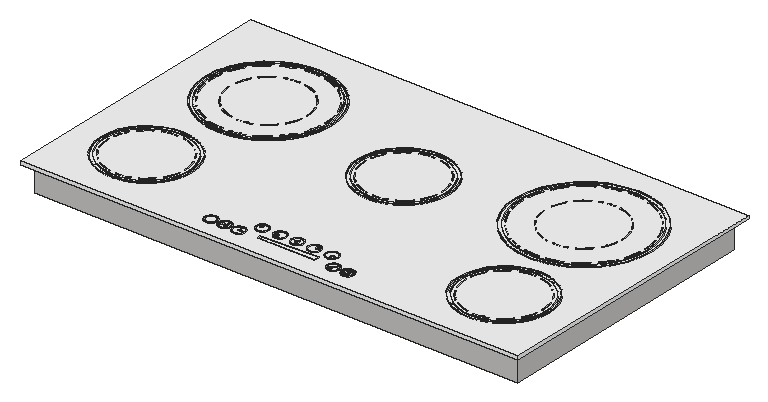
Revit family "QF_Summit_CR5B36TXW_5-Burner Radiant Cooktop", category Specialty Equipment, Revit 2020 (continued)
Lines and regions (in)
  symbolic lines
    curve 439: line (13.56825, -18.81415, 0) -> (13.43965, -18.81415, 0)
    curve 440: arc (14.82037, -19.01629, 0) -> (14.39168, -18.5876, 0) -> (13.96299, -19.01629, 0) r 0.42869
    curve 441: arc (13.96299, -19.01629, 0) -> (14.39168, -19.44498, 0) -> (14.82037, -19.01629, 0) r 0.42869
    curve 442: arc (13.99424, -19.01629, 0) -> (14.39168, -18.61885, 0) -> (14.78912, -19.01629, 0) r 0.39744
    curve 443: arc (14.78912, -19.01629, 0) -> (14.39168, -19.41373, 0) -> (13.99424, -19.01629, 0) r 0.39744
    curve 444: line (14.37411, -18.68294, 0) -> (14.34039, -19.06837, 0)
    curve 445: line (14.34039, -19.06837, 0) -> (14.71907, -19.0016, 0)
    curve 446: line (14.71907, -19.0016, 0) -> (14.40991, -18.97455, 0)
    curve 447: line (14.40991, -18.97455, 0) -> (14.37411, -18.68294, 0)
    curve 448: arc (14.83748, -18.0167, 0) -> (15.26617, -18.44539, 0) -> (15.69486, -18.0167, 0) r 0.42869
    curve 449: arc (15.69486, -18.0167, 0) -> (15.26617, -17.58801, 0) -> (14.83748, -18.0167, 0) r 0.42869
    curve 450: arc (15.66361, -18.0167, 0) -> (15.26617, -18.41414, 0) -> (14.86873, -18.0167, 0) r 0.39744
    curve 451: arc (14.86873, -18.0167, 0) -> (15.26617, -17.61926, 0) -> (15.66361, -18.0167, 0) r 0.39744
    curve 452: arc (14.96978, -17.85461, 0) -> (15.10512, -17.98995, 0) -> (15.24046, -17.85461, 0) r 0.13534
    curve 453: arc (15.24046, -17.85461, 0) -> (15.10512, -17.71928, 0) -> (14.96978, -17.85461, 0) r 0.13534
    curve 454: line (15.763, -19.03275, 0) -> (19.79369, -19.03275, 0)
    curve 455: line (19.79369, -19.03275, 0) -> (19.79369, -18.61535, 0)
    curve 456: line (19.79369, -18.61535, 0) -> (15.763, -18.81753, 0)
    curve 457: line (15.763, -18.81753, 0) -> (15.763, -19.03275, 0)
    curve 458: arc (16.9592, -18.0167, 0) -> (16.53051, -17.58801, 0) -> (16.10182, -18.0167, 0) r 0.42869
    curve 459: arc (16.10182, -18.0167, 0) -> (16.53051, -18.44539, 0) -> (16.9592, -18.0167, 0) r 0.42869
    curve 460: arc (16.13307, -18.0167, 0) -> (16.53051, -17.61926, 0) -> (16.92795, -18.0167, 0) r 0.39744
    curve 461: arc (16.92795, -18.0167, 0) -> (16.53051, -18.41414, 0) -> (16.13307, -18.0167, 0) r 0.39744
    curve 462: arc (16.50479, -18.17878, 0) -> (16.36945, -18.04344, 0) -> (16.23411, -18.17878, 0) r 0.13534
    curve 463: arc (16.23411, -18.17878, 0) -> (16.36945, -18.31411, 0) -> (16.50479, -18.17878, 0) r 0.13534
    curve 464: arc (17.35256, -18.0167, 0) -> (17.75, -17.61926, 0) -> (18.14744, -18.0167, 0) r 0.39744
    curve 465: arc (18.14744, -18.0167, 0) -> (17.75, -18.41414, 0) -> (17.35256, -18.0167, 0) r 0.39744
    curve 466: arc (18.17869, -18.0167, 0) -> (17.75, -17.58801, 0) -> (17.32131, -18.0167, 0) r 0.42869
    curve 467: arc (17.32131, -18.0167, 0) -> (17.75, -18.44539, 0) -> (18.17869, -18.0167, 0) r 0.42869
    curve 468: arc (17.88534, -18.0167, 0) -> (17.75, -17.88136, 0) -> (17.61466, -18.0167, 0) r 0.13534
    curve 469: arc (17.61466, -18.0167, 0) -> (17.75, -18.15203, 0) -> (17.88534, -18.0167, 0) r 0.13534
    curve 470: arc (18.57205, -18.0167, 0) -> (18.96949, -17.61926, 0) -> (19.36693, -18.0167, 0) r 0.39744
    curve 471: arc (19.36693, -18.0167, 0) -> (18.96949, -18.41414, 0) -> (18.57205, -18.0167, 0) r 0.39744
    curve 472: arc (19.39818, -18.0167, 0) -> (18.96949, -17.58801, 0) -> (18.5408, -18.0167, 0) r 0.42869
    curve 473: arc (18.5408, -18.0167, 0) -> (18.96949, -18.44539, 0) -> (19.39818, -18.0167, 0) r 0.42869
    curve 474: arc (18.99521, -17.85461, 0) -> (19.13055, -17.98995, 0) -> (19.26589, -17.85461, 0) r 0.13534
    curve 475: arc (19.26589, -17.85461, 0) -> (19.13055, -17.71928, 0) -> (18.99521, -17.85461, 0) r 0.13534
    curve 476: arc (19.80514, -18.0167, 0) -> (20.23383, -18.44539, 0) -> (20.66252, -18.0167, 0) r 0.42869
    curve 477: arc (20.66252, -18.0167, 0) -> (20.23383, -17.58801, 0) -> (19.80514, -18.0167, 0) r 0.42869
    curve 478: arc (20.63127, -18.0167, 0) -> (20.23383, -18.41414, 0) -> (19.83639, -18.0167, 0) r 0.39744
    curve 479: arc (19.83639, -18.0167, 0) -> (20.23383, -17.61926, 0) -> (20.63127, -18.0167, 0) r 0.39744
    curve 480: arc (20.25954, -18.17878, 0) -> (20.39488, -18.31411, 0) -> (20.53022, -18.17878, 0) r 0.13534
    curve 481: arc (20.53022, -18.17878, 0) -> (20.39488, -18.04344, 0) -> (20.25954, -18.17878, 0) r 0.13534
    curve 482: arc (20.70389, -19.01629, 0) -> (21.13258, -19.44498, 0) -> (21.56127, -19.01629, 0) r 0.42869
    curve 483: arc (21.56127, -19.01629, 0) -> (21.13258, -18.5876, 0) -> (20.70389, -19.01629, 0) r 0.42869
    curve 484: arc (21.53002, -19.01629, 0) -> (21.13258, -19.41373, 0) -> (20.73514, -19.01629, 0) r 0.39744
    curve 485: arc (20.73514, -19.01629, 0) -> (21.13258, -18.61885, 0) -> (21.53002, -19.01629, 0) r 0.39744
    curve 486: line (20.93625, -19.25544, 0) -> (21.29807, -18.89362, 0)
    curve 487: arc (21.29807, -18.89362, 0) -> (21.37311, -18.77455, 0) -> (21.25404, -18.84959, 0) r 0.07216
    curve 488: line (21.25404, -18.84959, 0) -> (20.89222, -19.21141, 0)
    curve 489: line (20.89222, -19.21141, 0) -> (20.93625, -19.25544, 0)
    curve 490: arc (21.72706, -19.01629, 0) -> (22.15575, -19.44498, 0) -> (22.58444, -19.01629, 0) r 0.42869
    curve 491: arc (22.58444, -19.01629, 0) -> (22.15575, -18.5876, 0) -> (21.72706, -19.01629, 0) r 0.42869
    curve 492: arc (22.52194, -19.01629, 0) -> (22.15575, -19.38248, 0) -> (21.78956, -19.01629, 0) r 0.36619
    curve 493: arc (21.78956, -19.01629, 0) -> (22.15575, -18.6501, 0) -> (22.52194, -19.01629, 0) r 0.36619
    curve 494: arc (22.1101, -18.7705, 0) -> (22.15575, -19.26629, 0) -> (22.2014, -18.7705, 0) r 0.25
    curve 495: line (22.2014, -18.7705, 0) -> (22.2014, -18.68315, 0)
    curve 496: line (22.2014, -18.68315, 0) -> (22.1101, -18.68315, 0)
    curve 497: line (22.1101, -18.68315, 0) -> (22.1101, -18.7705, 0)
    curve 498: arc (22.2014, -18.83444, 0) -> (22.15575, -19.20379, 0) -> (22.1101, -18.83444, 0) r 0.1875
    curve 499: line (22.1101, -18.83444, 0) -> (22.1101, -18.96067, 0)
    curve 500: line (22.1101, -18.96067, 0) -> (22.2014, -18.96067, 0)
    curve 501: line (22.2014, -18.96067, 0) -> (22.2014, -18.83444, 0)
Dimensions and locks (in)
  equal spacing: plane 3 "LEFT", plane 7 "Center Y", plane 4 "RIGHT"
  "Length": plane 3 "LEFT" to plane 4 "RIGHT"
  equal spacing: plane 5 "FRONT", plane 8 "Center X", plane 1 "BACK"
  "Depth": plane 5 "FRONT" to plane 1 "BACK"
  "Height": plane 6 "TOP" to level
  plane 10 to plane 9 = 19 1/4"
  plane 11 to plane 12 = 34 1/2"  (x2)
  plane 6 "TOP" to plane 13 = 1/4"
  plane 13 to plane 2 = 1.88"
  plane 11 to plane 3 "LEFT" = 1/2"
  plane 4 "RIGHT" to plane 12 = 1/2"
  plane 4 "RIGHT" to plane 3 "LEFT" = 35 1/2"
  locked: plane 2 to plane 14 at 1
  aligned and locked: level to plane 2
Automatic sketch dimensions
  Extrusion 1 sketch curve to Extrusion 1 sketch curve = 0"  (x10118)
  plane 1 "BACK" to Extrusion 1 sketch curve = 0"
  plane 5 "FRONT" to Extrusion 1 sketch curve = 0"
  Extrusion 1 sketch curve to plane 3 "LEFT" = 0"
  Extrusion 1 sketch curve to plane 11 = 1 187/256"
  Extrusion 1 sketch curve to Extrusion 1 sketch curve = 1/32"  (x16)
  Extrusion 1 sketch curve to Extrusion 1 sketch curve = 0.00839"  (x3)
  Extrusion 1 sketch curve to Extrusion 1 sketch curve = 0.0308"  (x4)
  Extrusion 1 sketch curve to Extrusion 1 sketch curve = 0.13763"  (x3)
  Extrusion 1 sketch curve to Extrusion 1 sketch curve = 0.02935"  (x3)
  Extrusion 1 sketch curve to plane 11 = 1.965"
  Extrusion 1 sketch curve to Extrusion 1 sketch curve = 0.03131"  (x3)
  Extrusion 1 sketch curve to Extrusion 1 sketch curve = 0.03084"
  Extrusion 1 sketch curve to Extrusion 1 sketch curve = 0.0414"
  Extrusion 1 sketch curve to Extrusion 1 sketch curve = 0.03071"
  Extrusion 1 sketch curve to Extrusion 1 sketch curve = 0.03063"
  Extrusion 1 sketch curve to Extrusion 1 sketch curve = 0.15555"  (x3)
  Extrusion 1 sketch curve to Extrusion 1 sketch curve = 0.02726"  (x3)
  Extrusion 1 sketch curve to Extrusion 1 sketch curve = 0.31317"  (x3)
  Extrusion 1 sketch curve to Extrusion 1 sketch curve = 0.08434"
  Extrusion 1 sketch curve to Extrusion 1 sketch curve = 0.02693"  (x2)
  Extrusion 1 sketch curve to Extrusion 1 sketch curve = 0.02974"
  Extrusion 1 sketch curve to Extrusion 1 sketch curve = 0.28425"
  Extrusion 1 sketch curve to Extrusion 1 sketch curve = 0.02828"
  Extrusion 1 sketch curve to Extrusion 1 sketch curve = 0.22941"  (x3)
  Extrusion 1 sketch curve to Extrusion 1 sketch curve = 0.02404"  (x3)
  Extrusion 1 sketch curve to Extrusion 1 sketch curve = 0.19209"
  Extrusion 1 sketch curve to Extrusion 1 sketch curve = 0.40541"
  Extrusion 1 sketch curve to Extrusion 1 sketch curve = 0.02659"
  Extrusion 1 sketch curve to Extrusion 1 sketch curve = 0.02639"
  Extrusion 1 sketch curve to plane 9 = 2.21645"  (x2)
  Extrusion 1 sketch curve to Extrusion 1 sketch curve = 0.62951"  (x2)
  Extrusion 1 sketch curve to Extrusion 1 sketch curve = 0.0222"  (x7)
  Extrusion 1 sketch curve to Extrusion 1 sketch curve = 0.23139"
  Extrusion 1 sketch curve to Extrusion 1 sketch curve = 0.02441"
  Extrusion 1 sketch curve to Extrusion 1 sketch curve = 0.32095"  (x3)
  Extrusion 1 sketch curve to Extrusion 1 sketch curve = 0.01601"  (x3)
  Extrusion 1 sketch curve to Extrusion 1 sketch curve = 0.71045"  (x3)
  Extrusion 1 sketch curve to Extrusion 1 sketch curve = 0.01578"  (x3)
  plane 8 "Center X" to Extrusion 1 sketch curve = 0.77756"
  Extrusion 1 sketch curve to Extrusion 1 sketch curve = 0.62674"
  plane 8 "Center X" to Extrusion 1 sketch curve = 0.79966"
  Extrusion 1 sketch curve to Extrusion 1 sketch curve = 0.0221"  (x2)
  Extrusion 1 sketch curve to Extrusion 1 sketch curve = 1.27517"
  Extrusion 1 sketch curve to Extrusion 1 sketch curve = 0.00828"  (x2)
  Extrusion 1 sketch curve to Extrusion 1 sketch curve = 0.03074"  (x4)
  Extrusion 1 sketch curve to Extrusion 1 sketch curve = 0.12451"  (x2)
  Extrusion 1 sketch curve to Extrusion 1 sketch curve = 0.02942"  (x2)
  Extrusion 1 sketch curve to Extrusion 1 sketch curve = 0.42666"  (x3)
  Extrusion 1 sketch curve to Extrusion 1 sketch curve = 0.01079"  (x3)
  plane 8 "Center X" to Extrusion 1 sketch curve = 0.46768"
  Extrusion 1 sketch curve to Extrusion 1 sketch curve = 0.34417"
  plane 8 "Center X" to Extrusion 1 sketch curve = 0.49268"
  Extrusion 1 sketch curve to Extrusion 1 sketch curve = 0.01874"
  Extrusion 1 sketch curve to plane 10 = 2.64579"
  Extrusion 1 sketch curve to Extrusion 1 sketch curve = 0.73165"
  Extrusion 1 sketch curve to Extrusion 1 sketch curve = 0.16275"  (x2)
  Extrusion 1 sketch curve to Extrusion 1 sketch curve = 0.01859"
  Extrusion 1 sketch curve to Extrusion 1 sketch curve = 0.02724"  (x2)
  Extrusion 1 sketch curve to Extrusion 1 sketch curve = 0.30568"  (x2)
  Extrusion 1 sketch curve to Extrusion 1 sketch curve = 0.02692"  (x2)
  Extrusion 1 sketch curve to Extrusion 1 sketch curve = 0.22019"  (x2)
  Extrusion 1 sketch curve to Extrusion 1 sketch curve = 0.02411"  (x2)
  Extrusion 1 sketch curve to plane 10 = 2.38476"
  Extrusion 1 sketch curve to Extrusion 1 sketch curve = 0.38141"
  Extrusion 1 sketch curve to plane 10 = 2.41189"
  Extrusion 1 sketch curve to Extrusion 1 sketch curve = 0.01551"
  Extrusion 1 sketch curve to plane 9 = 1.6154"  (x2)
  Extrusion 1 sketch curve to Extrusion 1 sketch curve = 0.98255"  (x2)
  Extrusion 1 sketch curve to plane 9 = 1.64629"  (x2)
  Extrusion 1 sketch curve to Extrusion 1 sketch curve = 0.00477"
  plane 8 "Center X" to Extrusion 1 sketch curve = 1.60015"  (x2)
  Extrusion 1 sketch curve to Extrusion 1 sketch curve = 0.61312"  (x2)
  plane 8 "Center X" to Extrusion 1 sketch curve = 1.62419"  (x2)
  Extrusion 1 sketch curve to Extrusion 1 sketch curve = 0.01996"  (x2)
  Extrusion 1 sketch curve to plane 8 "Center X" = 0.04825"
  Extrusion 1 sketch curve to Extrusion 1 sketch curve = 0.89654"
  Extrusion 1 sketch curve to plane 8 "Center X" = 0.01927"
  Extrusion 1 sketch curve to Extrusion 1 sketch curve = 1.40611"
  Extrusion 1 sketch curve to Extrusion 1 sketch curve = 0.42951"  (x3)
  Extrusion 1 sketch curve to Extrusion 1 sketch curve = 0.97809"  (x3)
  plane 8 "Center X" to Extrusion 1 sketch curve = 1.35084"  (x2)
  Extrusion 1 sketch curve to Extrusion 1 sketch curve = 0.33367"  (x2)
  plane 8 "Center X" to Extrusion 1 sketch curve = 1.37772"  (x2)
  Extrusion 1 sketch curve to Extrusion 1 sketch curve = 0.01594"  (x2)
  Extrusion 1 sketch curve to plane 10 = 3.52189"
  Extrusion 1 sketch curve to Extrusion 1 sketch curve = 0.7319"  (x2)
  Extrusion 1 sketch curve to Extrusion 1 sketch curve = 0.01552"  (x2)
  Extrusion 1 sketch curve to plane 8 "Center X" = 0.18633"
  Extrusion 1 sketch curve to Extrusion 1 sketch curve = 0.38987"
  Extrusion 1 sketch curve to plane 8 "Center X" = 0.15628"
  Extrusion 1 sketch curve to Extrusion 1 sketch curve = 0.0086"
  Extrusion 1 sketch curve to plane 10 = 1.99876"
  Extrusion 1 sketch curve to Extrusion 1 sketch curve = 0.90867"
  Extrusion 1 sketch curve to plane 10 = 2.02886"
  Extrusion 1 sketch curve to Extrusion 1 sketch curve = 0.46522"  (x3)
  Extrusion 1 sketch curve to Extrusion 1 sketch curve = 0.00564"  (x3)
  Extrusion 1 sketch curve to Extrusion 1 sketch curve = 0.38892"  (x2)
  Extrusion 1 sketch curve to Extrusion 1 sketch curve = 0.01092"  (x2)
  Extrusion 1 sketch curve to plane 10 = 1.89637"
  Extrusion 1 sketch curve to Extrusion 1 sketch curve = 0.46739"
  Extrusion 1 sketch curve to plane 10 = 1.92726"
  Extrusion 1 sketch curve to Extrusion 1 sketch curve = 0.00473"
  Extrusion 1 sketch curve to plane 9 = 1.78547"  (x2)
  Extrusion 1 sketch curve to Extrusion 1 sketch curve = 0.94381"  (x3)
  Extrusion 1 sketch curve to plane 9 = 1.75617"  (x2)
  Extrusion 1 sketch curve to Extrusion 1 sketch curve = 0.01087"  (x3)
  plane 8 "Center X" to Extrusion 1 sketch curve = 1.00707"  (x2)
  plane 8 "Center X" to Extrusion 1 sketch curve = 1.03785"  (x2)
  Extrusion 1 sketch curve to plane 9 = 1 63/64"  (x2)
  Extrusion 1 sketch curve to Extrusion 1 sketch curve = 0.4222"  (x3)
  Extrusion 1 sketch curve to Extrusion 1 sketch curve = 0.89585"  (x2)
  Extrusion 1 sketch curve to plane 9 = 1.95735"  (x2)
  Extrusion 1 sketch curve to Extrusion 1 sketch curve = 0.01567"  (x3)
  Extrusion 1 sketch curve to Extrusion 1 sketch curve = 0.01584"  (x2)
  Extrusion 1 sketch curve to plane 8 "Center X" = 0.31159"
  Extrusion 1 sketch curve to Extrusion 1 sketch curve = 0.44804"  (x2)
  Extrusion 1 sketch curve to Extrusion 1 sketch curve = 1.01341"  (x2)
  Extrusion 1 sketch curve to Extrusion 1 sketch curve = 0.35772"  (x3)
  Extrusion 1 sketch curve to plane 8 "Center X" = 0.29472"
  Extrusion 1 sketch curve to Extrusion 1 sketch curve = 0.41987"
  Extrusion 1 sketch curve to plane 8 "Center X" = 0.32583"
  Extrusion 1 sketch curve to Extrusion 1 sketch curve = 0.00288"
  Extrusion 1 sketch curve to plane 10 = 1.9049"
  Extrusion 1 sketch curve to plane 10 = 1.87384"
  Extrusion 1 sketch curve to plane 10 = 3.2268"  (x2)
  Extrusion 1 sketch curve to Extrusion 1 sketch curve = 0.38206"  (x2)
  Extrusion 1 sketch curve to plane 10 = 3.19597"  (x2)
  Extrusion 1 sketch curve to Extrusion 1 sketch curve = 0.00512"  (x2)
  Extrusion 1 sketch curve to plane 9 = 2.59847"  (x2)
  Extrusion 1 sketch curve to Extrusion 1 sketch curve = 0.72914"
  Extrusion 1 sketch curve to plane 9 = 2.57629"  (x2)
  Extrusion 1 sketch curve to plane 10 = 1.97204"
  Extrusion 1 sketch curve to Extrusion 1 sketch curve = 0.41256"
  Extrusion 1 sketch curve to plane 10 = 1.9415"
  Extrusion 1 sketch curve to Extrusion 1 sketch curve = 0.00661"
  Extrusion 1 sketch curve to plane 9 = 2.9728"  (x2)
  Extrusion 1 sketch curve to Extrusion 1 sketch curve = 0.26321"  (x2)
  Extrusion 1 sketch curve to Extrusion 1 sketch curve = 0.64469"
  Extrusion 1 sketch curve to plane 9 = 2 245/256"  (x2)
  Extrusion 1 sketch curve to Extrusion 1 sketch curve = 0.02697"  (x3)
  plane 8 "Center X" to Extrusion 1 sketch curve = 1.16104"  (x2)
  Extrusion 1 sketch curve to Extrusion 1 sketch curve = 0.94818"  (x2)
  Extrusion 1 sketch curve to Extrusion 1 sketch curve = 0.02725"  (x2)
  plane 8 "Center X" to Extrusion 1 sketch curve = 1.13167"  (x2)
  Extrusion 1 sketch curve to Extrusion 1 sketch curve = 0.01068"  (x2)
  Extrusion 1 sketch curve to Extrusion 1 sketch curve = 0.19267"  (x2)
  Extrusion 1 sketch curve to Extrusion 1 sketch curve = 0.02944"  (x2)
  Extrusion 1 sketch curve to plane 9 = 3.89338"  (x2)
  Extrusion 1 sketch curve to plane 9 = 3.88808"  (x2)
  Extrusion 1 sketch curve to Extrusion 1 sketch curve = 0.0397"  (x2)
  plane 8 "Center X" to Extrusion 1 sketch curve = 1.35537"  (x2)
  Extrusion 1 sketch curve to Extrusion 1 sketch curve = 0.41946"  (x2)
  plane 8 "Center X" to Extrusion 1 sketch curve = 1.32823"  (x2)
  Extrusion 1 sketch curve to Extrusion 1 sketch curve = 0.0155"  (x2)
  Extrusion 1 sketch curve to plane 10 = 3.56584"  (x2)
  Extrusion 1 sketch curve to plane 10 = 3.53891"  (x2)
  Extrusion 1 sketch curve to plane 8 "Center X" = 0.05229"
  Extrusion 1 sketch curve to plane 8 "Center X" = 0.08153"
  Extrusion 1 sketch curve to plane 10 = 3.79198"  (x2)
  Extrusion 1 sketch curve to Extrusion 1 sketch curve = 0.3269"  (x2)
  Extrusion 1 sketch curve to plane 10 = 3.76764"  (x2)
  Extrusion 1 sketch curve to Extrusion 1 sketch curve = 0.01961"  (x2)
  plane 8 "Center X" to Extrusion 1 sketch curve = 0.11404"
  Extrusion 1 sketch curve to Extrusion 1 sketch curve = 0.38009"
  plane 8 "Center X" to Extrusion 1 sketch curve = 0.08609"
  Extrusion 1 sketch curve to Extrusion 1 sketch curve = 0.01399"
  Extrusion 1 sketch curve to plane 10 = 2.32914"
  Extrusion 1 sketch curve to plane 10 = 2.30136"
  plane 8 "Center X" to Extrusion 1 sketch curve = 1.97282"  (x2)
  plane 8 "Center X" to Extrusion 1 sketch curve = 1.95063"  (x2)
  Extrusion 1 sketch curve to plane 10 = 2.56745"
  Extrusion 1 sketch curve to Extrusion 1 sketch curve = 0.40266"
  Extrusion 1 sketch curve to plane 10 = 2.54153"
  Extrusion 1 sketch curve to Extrusion 1 sketch curve = 0.01745"
  plane 8 "Center X" to Extrusion 1 sketch curve = 2.34492"  (x2)
  Extrusion 1 sketch curve to Extrusion 1 sketch curve = 0.26138"  (x2)
  Extrusion 1 sketch curve to plane 10 = 4.58096"  (x2)
  plane 8 "Center X" to Extrusion 1 sketch curve = 2.32916"  (x2)
  Extrusion 1 sketch curve to Extrusion 1 sketch curve = 0.02698"  (x4)
  Extrusion 1 sketch curve to plane 10 = 4.5657"  (x2)
  Extrusion 1 sketch curve to Extrusion 1 sketch curve = 0.17127"  (x2)
  Extrusion 1 sketch curve to Extrusion 1 sketch curve = 0.02924"  (x2)
  plane 8 "Center X" to Extrusion 1 sketch curve = 0.67565"
  plane 8 "Center X" to Extrusion 1 sketch curve = 0.65349"
  plane 8 "Center X" to Extrusion 1 sketch curve = 3.27266"  (x2)
  plane 8 "Center X" to Extrusion 1 sketch curve = 3.26756"  (x2)
  Extrusion 1 sketch curve to Extrusion 1 sketch curve = 0.03642"  (x2)
  plane 8 "Center X" to Extrusion 1 sketch curve = 1.00099"
  Extrusion 1 sketch curve to Extrusion 1 sketch curve = 0.33335"
  Extrusion 1 sketch curve to plane 10 = 3.19784"
  plane 8 "Center X" to Extrusion 1 sketch curve = 0.97887"
  Extrusion 1 sketch curve to Extrusion 1 sketch curve = 0.02212"
  Extrusion 1 sketch curve to plane 10 = 3.17572"
  Extrusion 1 sketch curve to plane 10 = 3.56102"
  Extrusion 1 sketch curve to Extrusion 1 sketch curve = 0.29386"
  Extrusion 1 sketch curve to plane 10 = 3.54281"
  Extrusion 1 sketch curve to Extrusion 1 sketch curve = 0.02539"
  plane 8 "Center X" to Extrusion 1 sketch curve = 1.82387"
  plane 8 "Center X" to Extrusion 1 sketch curve = 1.80919"
  plane 8 "Center X" to Extrusion 1 sketch curve = 2.25844"
  Extrusion 1 sketch curve to Extrusion 1 sketch curve = 0.19913"
  Extrusion 1 sketch curve to plane 9 = 0.85871"
  Extrusion 1 sketch curve to Extrusion 1 sketch curve = 4.99515"
  Extrusion 1 sketch curve to plane 10 = 4.46629"
  plane 8 "Center X" to Extrusion 1 sketch curve = 2.24713"
  Extrusion 1 sketch curve to Extrusion 1 sketch curve = 0.02913"
  Extrusion 1 sketch curve to plane 10 = 4.4551"
  Extrusion 1 sketch curve to Extrusion 1 sketch curve = 0.14108"
  Extrusion 1 sketch curve to Extrusion 1 sketch curve = 0.03027"
  plane 8 "Center X" to Extrusion 1 sketch curve = 3.26773"
  Extrusion 1 sketch curve to Extrusion 1 sketch curve = 0.02504"
  plane 8 "Center X" to Extrusion 1 sketch curve = 3.26425"
  Extrusion 1 sketch curve to Extrusion 1 sketch curve = 0.76583"
  Extrusion 1 sketch curve to Extrusion 1 sketch curve = 0.23417"
  Extrusion 1 sketch curve to plane 9 = 0.87399"
  Extrusion 1 sketch curve to Extrusion 1 sketch curve = 0.01602"
  Extrusion 1 sketch curve to Extrusion 1 sketch curve = 0.04215"
  Extrusion 1 sketch curve to Extrusion 1 sketch curve = 0.12861"
  Extrusion 1 sketch curve to plane 9 = 0.80663"
  Extrusion 1 sketch curve to Extrusion 1 sketch curve = 0.77213"
  Extrusion 1 sketch curve to plane 9 = 1.19206"
  Extrusion 1 sketch curve to Extrusion 1 sketch curve = 0.03372"
  Extrusion 1 sketch curve to Extrusion 1 sketch curve = 0.05129"
  Extrusion 1 sketch curve to plane 9 = 0.90045"
  Extrusion 1 sketch curve to Extrusion 1 sketch curve = 0.01824"
  Extrusion 1 sketch curve to plane 9 = 0.8734"
  Extrusion 1 sketch curve to Extrusion 1 sketch curve = 0.30916"
  Extrusion 1 sketch curve to Extrusion 1 sketch curve = 4.67378"
  plane 8 "Center X" to Extrusion 1 sketch curve = 2.18525"
  plane 8 "Center X" to Extrusion 1 sketch curve = 2.17997"
  Extrusion 1 sketch curve to Extrusion 1 sketch curve = 0.73101"
  plane 8 "Center X" to Extrusion 1 sketch curve = 0.7623"
  plane 8 "Center X" to Extrusion 1 sketch curve = 0.77304"
  Extrusion 1 sketch curve to Extrusion 1 sketch curve = 0.16105"  (x3)
  plane 8 "Center X" to Extrusion 1 sketch curve = 0.35989"
  plane 8 "Center X" to Extrusion 1 sketch curve = 0.37516"
  plane 8 "Center X" to Extrusion 1 sketch curve = 3.12489"
  plane 8 "Center X" to Extrusion 1 sketch curve = 3.10904"
  Extrusion 1 sketch curve to plane 9 = 1.05747"
  Extrusion 1 sketch curve to Extrusion 1 sketch curve = 0.49683"
  Extrusion 1 sketch curve to plane 8 "Center X" = 0.42608"
  Extrusion 1 sketch curve to plane 8 "Center X" = 0.40388"
  Extrusion 1 sketch curve to plane 8 "Center X" = 0.6677"
  Extrusion 1 sketch curve to plane 8 "Center X" = 0.64087"
  Extrusion 1 sketch curve to Extrusion 1 sketch curve = 0.60645"
  Extrusion 1 sketch curve to plane 8 "Center X" = 1.02713"
  Extrusion 1 sketch curve to plane 8 "Center X" = 0.99625"
  Extrusion 1 sketch curve to Extrusion 1 sketch curve = 1.21949"  (x2)
  plane 7 "Center Y" to Extrusion 1 sketch curve = 2.04369"
  Extrusion 1 sketch curve to plane 8 "Center X" = 0.04406"
  plane 7 "Center Y" to Extrusion 1 sketch curve = 2.10586"
  Extrusion 1 sketch curve to plane 8 "Center X" = 0.06624"
  Extrusion 1 sketch curve to Extrusion 1 sketch curve = 0.02218"  (x2)
  plane 7 "Center Y" to Extrusion 1 sketch curve = 2.36908"
  plane 7 "Center Y" to Extrusion 1 sketch curve = 2.39342"
  plane 7 "Center Y" to Extrusion 1 sketch curve = 2.48383"
  plane 7 "Center Y" to Extrusion 1 sketch curve = 2.58609"
  plane 7 "Center Y" to Extrusion 1 sketch curve = 2.61553"
  plane 7 "Center Y" to Extrusion 1 sketch curve = 2.64488"
  plane 7 "Center Y" to Extrusion 1 sketch curve = 2.70503"
  plane 7 "Center Y" to Extrusion 1 sketch curve = 2.74473"
  plane 7 "Center Y" to Extrusion 1 sketch curve = 3.14222"
  Extrusion 1 sketch curve to Extrusion 1 sketch curve = 0.04403"  (x2)
  Extrusion 1 sketch curve to Extrusion 1 sketch curve = 0.19633"
  Extrusion 1 sketch curve to Extrusion 1 sketch curve = 0.12146"
  Extrusion 1 sketch curve to Extrusion 1 sketch curve = 0.06805"
  Extrusion 1 sketch curve to Extrusion 1 sketch curve = 0.78802"
  Extrusion 1 sketch curve to Extrusion 1 sketch curve = 0.04565"
  Extrusion 1 sketch curve to Extrusion 1 sketch curve = 0.0913"
  plane 7 "Center Y" to Extrusion 1 sketch curve = 6.84227"
  Extrusion 1 sketch curve to Extrusion 1 sketch curve = 0.02781"
  Extrusion 1 sketch curve to Extrusion 1 sketch curve = 0.03105"
  Extrusion 1 sketch curve to Extrusion 1 sketch curve = 0.09801"
  Extrusion 1 sketch curve to Extrusion 1 sketch curve = 0.03033"
  Extrusion 1 sketch curve to Extrusion 1 sketch curve = 13/128"
  Extrusion 1 sketch curve to Extrusion 1 sketch curve = 0.22183"
  Extrusion 1 sketch curve to Extrusion 1 sketch curve = 0.0294"
  Extrusion 1 sketch curve to Extrusion 1 sketch curve = 0.02926"
  Extrusion 1 sketch curve to Extrusion 1 sketch curve = 0.1476"
  Extrusion 1 sketch curve to Extrusion 1 sketch curve = 0.02801"
  plane 8 "Center X" to Extrusion 1 sketch curve = 1.25315"
  Extrusion 1 sketch curve to Extrusion 1 sketch curve = 0.46165"
  plane 8 "Center X" to Extrusion 1 sketch curve = 1.27061"
  Extrusion 1 sketch curve to Extrusion 1 sketch curve = 0.02592"
  plane 8 "Center X" to Extrusion 1 sketch curve = 0.87399"
  Extrusion 1 sketch curve to Extrusion 1 sketch curve = 0.26041"
  Extrusion 1 sketch curve to plane 10 = 3.06292"
  Extrusion 1 sketch curve to Extrusion 1 sketch curve = 0.55615"
  Extrusion 1 sketch curve to plane 10 = 3.0831"
  Extrusion 1 sketch curve to Extrusion 1 sketch curve = 0.02386"
  Extrusion 1 sketch curve to Extrusion 1 sketch curve = 0.30639"
  Extrusion 1 sketch curve to Extrusion 1 sketch curve = 1.63193"
  plane 8 "Center X" to Extrusion 1 sketch curve = 2.78889"
  plane 8 "Center X" to Extrusion 1 sketch curve = 0.13817"
  Extrusion 1 sketch curve to Extrusion 1 sketch curve = 0.77257"
  plane 8 "Center X" to Extrusion 1 sketch curve = 2.79942"
  plane 8 "Center X" to Extrusion 1 sketch curve = 0.16354"
  Extrusion 1 sketch curve to Extrusion 1 sketch curve = 0.01825"
  Extrusion 1 sketch curve to plane 10 = 2.08978"
  Extrusion 1 sketch curve to Extrusion 1 sketch curve = 0.8126"
  Extrusion 1 sketch curve to plane 10 = 2.11686"
  Extrusion 1 sketch curve to Extrusion 1 sketch curve = 1/64"
  Extrusion 1 sketch curve to plane 8 "Center X" = 0.11309"
  Extrusion 1 sketch curve to Extrusion 1 sketch curve = 0.37289"
  Extrusion 1 sketch curve to plane 8 "Center X" = 11/128"
  Extrusion 1 sketch curve to Extrusion 1 sketch curve = 0.01548"
  Extrusion 1 sketch curve to plane 10 = 1.86895"
  Extrusion 1 sketch curve to Extrusion 1 sketch curve = 0.42213"
  Extrusion 1 sketch curve to plane 10 = 1.89759"
  Extrusion 1 sketch curve to Extrusion 1 sketch curve = 0.0125"
  Extrusion 1 sketch curve to Extrusion 1 sketch curve = 5.5206"
  Extrusion 1 sketch curve to plane 8 "Center X" = 0.52297"
  Extrusion 1 sketch curve to plane 8 "Center X" = 0.49291"
  Extrusion 1 sketch curve to plane 9 = 3.40483"
  Extrusion 1 sketch curve to plane 9 = 3.41557"
  Extrusion 1 sketch curve to plane 8 "Center X" = 3.85757"
  Extrusion 1 sketch curve to plane 8 "Center X" = 3.87343"
  Extrusion 1 sketch curve to plane 8 "Center X" = 0.6248"
  Extrusion 1 sketch curve to Extrusion 1 sketch curve = 0.4339"
  Extrusion 1 sketch curve to plane 8 "Center X" = 0.59403"
  Extrusion 1 sketch curve to Extrusion 1 sketch curve = 0.00543"
  Extrusion 1 sketch curve to plane 10 = 1.56337"
  Extrusion 1 sketch curve to plane 10 = 1.59417"
  Extrusion 1 sketch curve to plane 9 = 2.23865"
  Extrusion 1 sketch curve to plane 10 = 1.50926"
  Extrusion 1 sketch curve to Extrusion 1 sketch curve = 0.46186"
  Extrusion 1 sketch curve to plane 10 = 1.54045"
  Extrusion 1 sketch curve to Extrusion 1 sketch curve = 0.00193"
  Extrusion 1 sketch curve to plane 9 = 1.97483"
  Extrusion 1 sketch curve to plane 9 = 2.00167"
  Extrusion 1 sketch curve to plane 8 "Center X" = 2.86967"
  Extrusion 1 sketch curve to plane 8 "Center X" = 2.89665"
  Extrusion 1 sketch curve to plane 8 "Center X" = 0.68034"
  Extrusion 1 sketch curve to plane 8 "Center X" = 0.59392"
  Extrusion 1 sketch curve to Extrusion 1 sketch curve = 0.44241"
  Extrusion 1 sketch curve to plane 8 "Center X" = 0.62469"
  Extrusion 1 sketch curve to Extrusion 1 sketch curve = 0.00544"
  Extrusion 1 sketch curve to plane 10 = 1.60246"
  Extrusion 1 sketch curve to plane 10 = 1.57171"
  Extrusion 1 sketch curve to plane 10 = 1.70955"
  Extrusion 1 sketch curve to Extrusion 1 sketch curve = 0.4519"
  Extrusion 1 sketch curve to plane 10 = 1.67956"
  Extrusion 1 sketch curve to Extrusion 1 sketch curve = 0.00881"
  Extrusion 1 sketch curve to plane 8 "Center X" = 0.28716"
  Extrusion 1 sketch curve to plane 8 "Center X" = 0.31574"
  Extrusion 1 sketch curve to plane 8 "Center X" = 2.56628"
  Extrusion 1 sketch curve to plane 8 "Center X" = 2.53554"
  Extrusion 1 sketch curve to plane 8 "Center X" = 0.07951"
  Extrusion 1 sketch curve to Extrusion 1 sketch curve = 105/256"
  Extrusion 1 sketch curve to plane 8 "Center X" = 0.10661"
  Extrusion 1 sketch curve to Extrusion 1 sketch curve = 0.01556"
  Extrusion 1 sketch curve to plane 10 = 2.14081"
  Extrusion 1 sketch curve to plane 10 = 2.11391"
  Extrusion 1 sketch curve to plane 10 = 2.3606"
  Extrusion 1 sketch curve to Extrusion 1 sketch curve = 0.33577"
  Extrusion 1 sketch curve to plane 10 = 2.33822"
  Extrusion 1 sketch curve to Extrusion 1 sketch curve = 0.02238"
  Extrusion 1 sketch curve to plane 8 "Center X" = 2.89982"
  Extrusion 1 sketch curve to plane 8 "Center X" = 2.87288"
  plane 8 "Center X" to Extrusion 1 sketch curve = 139/256"
  plane 8 "Center X" to Extrusion 1 sketch curve = 0.52088"
  Extrusion 1 sketch curve to plane 8 "Center X" = 3.15042"
  Extrusion 1 sketch curve to plane 8 "Center X" = 3.12822"
  plane 8 "Center X" to Extrusion 1 sketch curve = 0.88435"
  Extrusion 1 sketch curve to Extrusion 1 sketch curve = 0.32273"
  plane 8 "Center X" to Extrusion 1 sketch curve = 0.86218"
  Extrusion 1 sketch curve to Extrusion 1 sketch curve = 0.02217"
  Extrusion 1 sketch curve to plane 10 = 3.11561"
  Extrusion 1 sketch curve to plane 10 = 3.09567"
  Extrusion 1 sketch curve to plane 10 = 3.48031"
  Extrusion 1 sketch curve to Extrusion 1 sketch curve = 0.27163"
  Extrusion 1 sketch curve to plane 10 = 3.46297"
  Extrusion 1 sketch curve to Extrusion 1 sketch curve = 0.026"
  Extrusion 1 sketch curve to plane 8 "Center X" = 3.92236"
  Extrusion 1 sketch curve to plane 8 "Center X" = 3.90706"
  plane 8 "Center X" to Extrusion 1 sketch curve = 1.78019"
  plane 8 "Center X" to Extrusion 1 sketch curve = 1.76637"
  plane 8 "Center X" to Extrusion 1 sketch curve = 2.20371"
  Extrusion 1 sketch curve to Extrusion 1 sketch curve = 0.18182"
  Extrusion 1 sketch curve to plane 10 = 4.43495"
  plane 8 "Center X" to Extrusion 1 sketch curve = 2.19291"
  Extrusion 1 sketch curve to Extrusion 1 sketch curve = 0.02932"
  Extrusion 1 sketch curve to plane 10 = 4.42443"
  Extrusion 1 sketch curve to Extrusion 1 sketch curve = 0.13892"
  Extrusion 1 sketch curve to Extrusion 1 sketch curve = 0.03042"
  plane 8 "Center X" to Extrusion 1 sketch curve = 3.20844"
  Extrusion 1 sketch curve to Extrusion 1 sketch curve = 0.02952"
  plane 8 "Center X" to Extrusion 1 sketch curve = 3.20482"
  Extrusion 1 sketch curve to Extrusion 1 sketch curve = 3.10613"
  Extrusion 1 sketch curve to Extrusion 1 sketch curve = 0.02512"
  Extrusion 1 sketch curve to Extrusion 1 sketch curve = 0.06722"  (x2)
  Extrusion 1 sketch curve to Extrusion 1 sketch curve = 0.16032"
  Extrusion 1 sketch curve to Extrusion 1 sketch curve = 0.02712"  (x2)
  Extrusion 1 sketch curve to Extrusion 1 sketch curve = 0.3418"
  Extrusion 1 sketch curve to Extrusion 1 sketch curve = 0.01673"
  Extrusion 1 sketch curve to Extrusion 1 sketch curve = 0.39385"
  Extrusion 1 sketch curve to Extrusion 1 sketch curve = 0.01098"
  Extrusion 1 sketch curve to Extrusion 1 sketch curve = 0.33276"  (x2)
  Extrusion 1 sketch curve to Extrusion 1 sketch curve = 0.01587"  (x2)
  Extrusion 1 sketch curve to Extrusion 1 sketch curve = 0.4627"
  Extrusion 1 sketch curve to Extrusion 1 sketch curve = 0.43003"
  Extrusion 1 sketch curve to Extrusion 1 sketch curve = 1.38327"
  Extrusion 1 sketch curve to Extrusion 1 sketch curve = 0.01413"  (x2)
  Extrusion 1 sketch curve to Extrusion 1 sketch curve = 0.46305"
  Extrusion 1 sketch curve to Extrusion 1 sketch curve = 0.17947"  (x2)
  Extrusion 1 sketch curve to Extrusion 1 sketch curve = 0.65841"
  Extrusion 1 sketch curve to Extrusion 1 sketch curve = 0.2284"  (x2)
  Extrusion 1 sketch curve to Extrusion 1 sketch curve = 0.49064"
  Extrusion 1 sketch curve to Extrusion 1 sketch curve = 0.00579"
  Extrusion 1 sketch curve to Extrusion 1 sketch curve = 0.41338"  (x3)
  Extrusion 1 sketch curve to Extrusion 1 sketch curve = 0.44536"
  Extrusion 1 sketch curve to Extrusion 1 sketch curve = 0.0053"
  Extrusion 1 sketch curve to Extrusion 1 sketch curve = 0.19892"
  Extrusion 1 sketch curve to Extrusion 1 sketch curve = 0.0293"
  Extrusion 1 sketch curve to Extrusion 1 sketch curve = 0.07612"
  Extrusion 1 sketch curve to Extrusion 1 sketch curve = 2.77589"
  Extrusion 1 sketch curve to Extrusion 1 sketch curve = 0.34485"
  Extrusion 1 sketch curve to Extrusion 1 sketch curve = 0.01586"
  Extrusion 1 sketch curve to Extrusion 1 sketch curve = 0.42791"
  Extrusion 1 sketch curve to Extrusion 1 sketch curve = 0.01527"
  Extrusion 1 sketch curve to Extrusion 1 sketch curve = 0.82833"
  Extrusion 1 sketch curve to plane 9 = 2.02039"
  Extrusion 1 sketch curve to Extrusion 1 sketch curve = 0.16208"  (x6)
  Extrusion 1 sketch curve to Extrusion 1 sketch curve = 0.80083"
  Extrusion 1 sketch curve to Extrusion 1 sketch curve = 0.43657"
  Extrusion 1 sketch curve to plane 9 = 1.19185"
  Extrusion 1 sketch curve to Extrusion 1 sketch curve = 0.08734"
  Extrusion 1 sketch curve to Extrusion 1 sketch curve = 0.18686"
  Extrusion 1 sketch curve to Extrusion 1 sketch curve = 0.05507"
  Extrusion 1 sketch curve to Extrusion 1 sketch curve = 0.06394"
  Extrusion 1 sketch curve to Extrusion 1 sketch curve = 0.02402"
  Extrusion 1 sketch curve to Extrusion 1 sketch curve = 0.04818"
  Extrusion 1 sketch curve to Extrusion 1 sketch curve = 0.12624"
  Extrusion 1 sketch curve to Extrusion 1 sketch curve = 0.04174"
  Extrusion 1 sketch curve to Extrusion 1 sketch curve = 0.05562"
  Extrusion 1 sketch curve to Extrusion 1 sketch curve = 0.01529"
  Extrusion 1 sketch curve to Extrusion 1 sketch curve = 0.12268"
  Extrusion 1 sketch curve to Extrusion 1 sketch curve = 0.21522"
  Extrusion 1 sketch curve to Extrusion 1 sketch curve = 0.12339"
  Extrusion 1 sketch curve to Extrusion 1 sketch curve = 0.17157"
  Extrusion 2 sketch curve to Extrusion 2 sketch curve = 0"  (x11822)
  Extrusion 2 sketch curve to plane 12 = 1.59177"
  Extrusion 2 sketch curve to Extrusion 2 sketch curve = 0.02973"
  Extrusion 2 sketch curve to Extrusion 2 sketch curve = 1/32"  (x19)
  plane 8 "Center X" to Extrusion 2 sketch curve = 3.20844"
  Extrusion 2 sketch curve to Extrusion 2 sketch curve = 0.03104"
  Extrusion 2 sketch curve to plane 10 = 4.89765"
  Extrusion 2 sketch curve to Extrusion 2 sketch curve = 0.08627"
  Extrusion 2 sketch curve to plane 10 = 4.90482"
  Extrusion 2 sketch curve to plane 12 = 1.72619"
  Extrusion 2 sketch curve to plane 9 = 3.88808"  (x2)
  Extrusion 2 sketch curve to Extrusion 2 sketch curve = 0.0089"  (x2)
  Extrusion 2 sketch curve to Extrusion 2 sketch curve = 0.0308"  (x6)
  Extrusion 2 sketch curve to Extrusion 2 sketch curve = 0.10949"
  plane 8 "Center X" to Extrusion 2 sketch curve = 2.19291"
  Extrusion 2 sketch curve to Extrusion 2 sketch curve = 0.21075"
  Extrusion 2 sketch curve to Extrusion 2 sketch curve = 0.02942"  (x3)
  plane 8 "Center X" to Extrusion 2 sketch curve = 2.20371"
  Extrusion 2 sketch curve to Extrusion 2 sketch curve = 0.02932"
  Extrusion 2 sketch curve to plane 9 = 5.28926"  (x2)
  Extrusion 2 sketch curve to Extrusion 2 sketch curve = 0.1292"  (x2)
  Extrusion 2 sketch curve to plane 9 = 5.27879"  (x2)
  Extrusion 2 sketch curve to Extrusion 2 sketch curve = 0.02944"  (x3)
  plane 8 "Center X" to Extrusion 2 sketch curve = 1.76637"
  Extrusion 2 sketch curve to Extrusion 2 sketch curve = 0.15379"
  plane 8 "Center X" to Extrusion 2 sketch curve = 1.78019"
  Extrusion 2 sketch curve to Extrusion 2 sketch curve = 0.02803"
  Extrusion 2 sketch curve to Extrusion 2 sketch curve = 0.16542"  (x2)
  Extrusion 2 sketch curve to plane 9 = 2 245/256"  (x2)
  Extrusion 2 sketch curve to Extrusion 2 sketch curve = 0.30898"  (x2)
  Extrusion 2 sketch curve to Extrusion 2 sketch curve = 0.02725"  (x3)
  Extrusion 2 sketch curve to plane 9 = 2.9728"  (x2)
  Extrusion 2 sketch curve to Extrusion 2 sketch curve = 0.02697"  (x3)
  Extrusion 2 sketch curve to plane 10 = 3.46297"
  Extrusion 2 sketch curve to Extrusion 2 sketch curve = 0.45394"
  Extrusion 2 sketch curve to plane 10 = 3.48031"
  Extrusion 2 sketch curve to Extrusion 2 sketch curve = 0.026"
  Extrusion 2 sketch curve to plane 9 = 2.57629"  (x2)
  Extrusion 2 sketch curve to Extrusion 2 sketch curve = 0.24103"  (x3)
  Extrusion 2 sketch curve to plane 9 = 2.59847"  (x2)
  Extrusion 2 sketch curve to Extrusion 2 sketch curve = 0.02218"  (x5)
  Extrusion 2 sketch curve to plane 10 = 3.09567"
  Extrusion 2 sketch curve to Extrusion 2 sketch curve = 0.24757"
  Extrusion 2 sketch curve to plane 10 = 3.11561"
  Extrusion 2 sketch curve to Extrusion 2 sketch curve = 0.02406"
  plane 8 "Center X" to Extrusion 2 sketch curve = 0.86218"
  Extrusion 2 sketch curve to Extrusion 2 sketch curve = 0.56594"
  plane 8 "Center X" to Extrusion 2 sketch curve = 0.88435"
  Extrusion 2 sketch curve to plane 8 "Center X" = 3.12822"
  Extrusion 2 sketch curve to Extrusion 2 sketch curve = 0.6225"  (x2)
  Extrusion 2 sketch curve to plane 8 "Center X" = 3.15042"
  Extrusion 2 sketch curve to Extrusion 2 sketch curve = 0.0222"  (x8)
  plane 8 "Center X" to Extrusion 2 sketch curve = 0.52088"
  Extrusion 2 sketch curve to Extrusion 2 sketch curve = 0.32279"
  plane 8 "Center X" to Extrusion 2 sketch curve = 139/256"
  Extrusion 2 sketch curve to Extrusion 2 sketch curve = 0.0221"  (x2)
  Extrusion 2 sketch curve to plane 8 "Center X" = 2.87288"
  Extrusion 2 sketch curve to Extrusion 2 sketch curve = 0.34188"  (x3)
  Extrusion 2 sketch curve to plane 9 = 1.95735"  (x2)
  Extrusion 2 sketch curve to plane 8 "Center X" = 2.89982"
  Extrusion 2 sketch curve to Extrusion 2 sketch curve = 0.01584"  (x3)
  Extrusion 2 sketch curve to plane 9 = 1 63/64"  (x2)
  Extrusion 2 sketch curve to Extrusion 2 sketch curve = 1.62676"
  plane 8 "Center X" to Extrusion 2 sketch curve = 3.26756"  (x2)
  Extrusion 2 sketch curve to Extrusion 2 sketch curve = 0.00558"  (x3)
  plane 8 "Center X" to Extrusion 2 sketch curve = 3.27266"  (x2)
  Extrusion 2 sketch curve to Extrusion 2 sketch curve = 0.03083"  (x2)
  Extrusion 2 sketch curve to plane 10 = 2.33822"
  Extrusion 2 sketch curve to plane 10 = 4.93798"  (x2)
  Extrusion 2 sketch curve to plane 10 = 2.3606"
  Extrusion 2 sketch curve to plane 10 = 4.94901"  (x2)
  Extrusion 2 sketch curve to plane 9 = 1.75617"  (x2)
  Extrusion 2 sketch curve to Extrusion 2 sketch curve = 0.41133"  (x3)
  Extrusion 2 sketch curve to plane 9 = 1.78547"  (x2)
  Extrusion 2 sketch curve to Extrusion 2 sketch curve = 0.01087"  (x3)
  Extrusion 2 sketch curve to plane 10 = 4.5657"
  Extrusion 2 sketch curve to Extrusion 2 sketch curve = 0.144"  (x2)
  plane 8 "Center X" to Extrusion 2 sketch curve = 2.32916"  (x2)
  Extrusion 2 sketch curve to plane 10 = 4.58096"
  Extrusion 2 sketch curve to Extrusion 2 sketch curve = 0.02727"  (x2)
  plane 8 "Center X" to Extrusion 2 sketch curve = 2.34492"  (x2)
  Extrusion 2 sketch curve to plane 10 = 2.11391"
  Extrusion 2 sketch curve to Extrusion 2 sketch curve = 0.31987"
  Extrusion 2 sketch curve to plane 10 = 2.14081"
  Extrusion 2 sketch curve to Extrusion 2 sketch curve = 0.0159"
  Extrusion 2 sketch curve to plane 8 "Center X" = 0.10661"
  Extrusion 2 sketch curve to plane 8 "Center X" = 0.07951"
  plane 8 "Center X" to Extrusion 2 sketch curve = 1.95063"  (x2)
  Extrusion 2 sketch curve to Extrusion 2 sketch curve = 0.2392"  (x2)
  plane 8 "Center X" to Extrusion 2 sketch curve = 1.97282"  (x2)
  Extrusion 2 sketch curve to plane 8 "Center X" = 2.53554"
  Extrusion 2 sketch curve to plane 8 "Center X" = 2.56628"
  Extrusion 2 sketch curve to plane 8 "Center X" = 0.31574"
  Extrusion 2 sketch curve to Extrusion 2 sketch curve = 0.39751"
  Extrusion 2 sketch curve to plane 8 "Center X" = 0.28716"
  Extrusion 2 sketch curve to Extrusion 2 sketch curve = 0.01263"
  Extrusion 2 sketch curve to plane 10 = 3.76764"  (x2)
  Extrusion 2 sketch curve to plane 10 = 3.79198"  (x2)
  Extrusion 2 sketch curve to Extrusion 2 sketch curve = 0.46522"  (x3)
  Extrusion 2 sketch curve to Extrusion 2 sketch curve = 0.94381"  (x3)
  Extrusion 2 sketch curve to plane 10 = 3.53891"  (x2)
  Extrusion 2 sketch curve to Extrusion 2 sketch curve = 0.31105"  (x2)
  Extrusion 2 sketch curve to plane 10 = 3.56584"  (x2)
  Extrusion 2 sketch curve to Extrusion 2 sketch curve = 0.01585"  (x2)
  plane 8 "Center X" to Extrusion 2 sketch curve = 1.32823"  (x2)
  plane 8 "Center X" to Extrusion 2 sketch curve = 1.35537"  (x2)
  Extrusion 2 sketch curve to plane 10 = 1.67956"
  Extrusion 2 sketch curve to plane 10 = 1.70955"
  Extrusion 2 sketch curve to plane 9 = 1.64629"  (x2)
  Extrusion 2 sketch curve to Extrusion 2 sketch curve = 0.42951"  (x3)
  Extrusion 2 sketch curve to plane 9 = 1.6154"  (x2)
  Extrusion 2 sketch curve to Extrusion 2 sketch curve = 0.00477"  (x3)
  plane 8 "Center X" to Extrusion 2 sketch curve = 1.13167"  (x2)
  Extrusion 2 sketch curve to Extrusion 2 sketch curve = 0.40878"  (x2)
  plane 8 "Center X" to Extrusion 2 sketch curve = 1.16104"  (x2)
  Extrusion 2 sketch curve to Extrusion 2 sketch curve = 0.01068"  (x2)
  Extrusion 2 sketch curve to plane 10 = 1.57171"
  Extrusion 2 sketch curve to Extrusion 2 sketch curve = 0.44632"
  Extrusion 2 sketch curve to plane 10 = 1.60246"
  Extrusion 2 sketch curve to plane 8 "Center X" = 0.62469"
  Extrusion 2 sketch curve to plane 8 "Center X" = 0.59392"
  Extrusion 2 sketch curve to plane 8 "Center X" = 2.69021"
  Extrusion 2 sketch curve to Extrusion 2 sketch curve = 0.97809"  (x3)
  Extrusion 2 sketch curve to plane 8 "Center X" = 2.66088"
  Extrusion 2 sketch curve to Extrusion 2 sketch curve = 0.01079"  (x3)
  Extrusion 2 sketch curve to plane 10 = 3.19597"  (x2)
  Extrusion 2 sketch curve to plane 10 = 3.2268"  (x2)
  Extrusion 2 sketch curve to plane 8 "Center X" = 0.68034"
  Extrusion 2 sketch curve to Extrusion 2 sketch curve = 0.44241"
  Extrusion 2 sketch curve to Extrusion 2 sketch curve = 0.43746"  (x3)
  Extrusion 2 sketch curve to Extrusion 2 sketch curve = 0.38206"  (x2)
  Extrusion 2 sketch curve to Extrusion 2 sketch curve = 0.01578"  (x3)
  Extrusion 2 sketch curve to plane 9 = 2.00167"  (x2)
  Extrusion 2 sketch curve to plane 9 = 1.97483"  (x2)
  Extrusion 2 sketch curve to Extrusion 2 sketch curve = 0.94818"  (x2)
  Extrusion 2 sketch curve to plane 10 = 1.54045"
  Extrusion 2 sketch curve to plane 10 = 1.50926"
  Extrusion 2 sketch curve to plane 9 = 2.23865"
  Extrusion 2 sketch curve to Extrusion 2 sketch curve = 0.33695"  (x3)
  Extrusion 2 sketch curve to plane 9 = 2.21645"
  plane 8 "Center X" to Extrusion 2 sketch curve = 1.03785"  (x2)
  Extrusion 2 sketch curve to Extrusion 2 sketch curve = 0.44804"  (x2)
  plane 8 "Center X" to Extrusion 2 sketch curve = 1.00707"  (x2)
  Extrusion 2 sketch curve to Extrusion 2 sketch curve = 0.00537"  (x2)
  Extrusion 2 sketch curve to Extrusion 2 sketch curve = 0.72622"  (x3)
  Extrusion 2 sketch curve to Extrusion 2 sketch curve = 0.02404"  (x3)
  Extrusion 2 sketch curve to plane 10 = 1.59417"
  Extrusion 2 sketch curve to Extrusion 2 sketch curve = 0.4638"
  Extrusion 2 sketch curve to plane 10 = 1.56337"
  Extrusion 2 sketch curve to Extrusion 2 sketch curve = 0.00525"
  Extrusion 2 sketch curve to plane 8 "Center X" = 0.59403"
  Extrusion 2 sketch curve to Extrusion 2 sketch curve = 1.07961"
  Extrusion 2 sketch curve to plane 8 "Center X" = 0.6248"
  Extrusion 2 sketch curve to Extrusion 2 sketch curve = 0.25346"  (x3)
  Extrusion 2 sketch curve to Extrusion 2 sketch curve = 0.02693"  (x3)
  Extrusion 2 sketch curve to plane 9 = 3.01769"
  Extrusion 2 sketch curve to Extrusion 2 sketch curve = 1.01341"  (x2)
  Extrusion 2 sketch curve to Extrusion 2 sketch curve = 0.01092"  (x2)
  Extrusion 2 sketch curve to plane 9 = 3.00242"
  Extrusion 2 sketch curve to Extrusion 2 sketch curve = 0.18281"  (x3)
  Extrusion 2 sketch curve to Extrusion 2 sketch curve = 0.02935"  (x3)
  Extrusion 2 sketch curve to plane 8 "Center X" = 0.49291"
  Extrusion 2 sketch curve to Extrusion 2 sketch curve = 0.43933"
  Extrusion 2 sketch curve to plane 8 "Center X" = 0.52297"
  Extrusion 2 sketch curve to Extrusion 2 sketch curve = 0.00857"
  Extrusion 2 sketch curve to Extrusion 2 sketch curve = 0.3401"  (x3)
  Extrusion 2 sketch curve to Extrusion 2 sketch curve = 0.03919"  (x3)
  Extrusion 2 sketch curve to Extrusion 2 sketch curve = 0.39984"  (x2)
  Extrusion 2 sketch curve to Extrusion 2 sketch curve = 0.01552"  (x2)
  plane 8 "Center X" to Extrusion 2 sketch curve = 1.37772"  (x2)
  plane 8 "Center X" to Extrusion 2 sketch curve = 1.35084"  (x2)
  plane 8 "Center X" to Extrusion 2 sketch curve = 1.62419"
  Extrusion 2 sketch curve to Extrusion 2 sketch curve = 0.34962"  (x2)
  Extrusion 2 sketch curve to plane 10 = 1.89759"
  plane 8 "Center X" to Extrusion 2 sketch curve = 1.60015"
  Extrusion 2 sketch curve to Extrusion 2 sketch curve = 0.01996"  (x2)
  Extrusion 2 sketch curve to plane 10 = 1.86895"
  Extrusion 2 sketch curve to Extrusion 2 sketch curve = 0.74742"  (x2)
  Extrusion 2 sketch curve to Extrusion 2 sketch curve = 0.02411"  (x2)
  Extrusion 2 sketch curve to plane 8 "Center X" = 11/128"
  Extrusion 2 sketch curve to plane 8 "Center X" = 0.11309"
  Extrusion 2 sketch curve to plane 10 = 2.11686"
  Extrusion 2 sketch curve to Extrusion 2 sketch curve = 0.43463"
  Extrusion 2 sketch curve to plane 10 = 2.08978"
  Extrusion 2 sketch curve to Extrusion 2 sketch curve = 1/64"
  Extrusion 2 sketch curve to Extrusion 2 sketch curve = 0.2443"  (x2)
  Extrusion 2 sketch curve to Extrusion 2 sketch curve = 0.02692"  (x2)
  plane 8 "Center X" to Extrusion 2 sketch curve = 2.38316"
  plane 8 "Center X" to Extrusion 2 sketch curve = 2.36784"
  plane 8 "Center X" to Extrusion 2 sketch curve = 0.16354"
  Extrusion 2 sketch curve to Extrusion 2 sketch curve = 0.38837"
  Extrusion 2 sketch curve to Extrusion 2 sketch curve = 0.18999"  (x2)
  plane 8 "Center X" to Extrusion 2 sketch curve = 0.13817"
  Extrusion 2 sketch curve to Extrusion 2 sketch curve = 0.01825"
  Extrusion 2 sketch curve to Extrusion 2 sketch curve = 0.3326"  (x2)
  Extrusion 2 sketch curve to Extrusion 2 sketch curve = 0.03074"  (x4)
  Extrusion 2 sketch curve to Extrusion 2 sketch curve = 0.03902"  (x2)
  Extrusion 2 sketch curve to Extrusion 2 sketch curve = 0.03131"  (x3)
  Extrusion 2 sketch curve to plane 10 = 2.73507"
  Extrusion 2 sketch curve to plane 10 = 2.71296"
  Extrusion 2 sketch curve to Extrusion 2 sketch curve = 0.3285"
  plane 8 "Center X" to Extrusion 2 sketch curve = 0.89617"
  Extrusion 2 sketch curve to Extrusion 2 sketch curve = 0.02386"
  plane 8 "Center X" to Extrusion 2 sketch curve = 0.87399"
  Extrusion 2 sketch curve to Extrusion 2 sketch curve = 0.28259"
  Extrusion 2 sketch curve to Extrusion 2 sketch curve = 0.02592"
  Extrusion 2 sketch curve to Extrusion 2 sketch curve = 0.58002"
  Extrusion 2 sketch curve to Extrusion 2 sketch curve = 0.02801"
  Extrusion 2 sketch curve to Extrusion 2 sketch curve = 0.17561"
  Extrusion 2 sketch curve to Extrusion 2 sketch curve = 0.48756"
  Extrusion 2 sketch curve to Extrusion 2 sketch curve = 0.02926"
  Extrusion 2 sketch curve to Extrusion 2 sketch curve = 0.0294"
  Extrusion 2 sketch curve to Extrusion 2 sketch curve = 0.13097"
  Extrusion 2 sketch curve to Extrusion 2 sketch curve = 0.03033"
  Extrusion 2 sketch curve to Extrusion 2 sketch curve = 0.25109"
  Extrusion 2 sketch curve to Extrusion 2 sketch curve = 0.02761"
  Extrusion 2 sketch curve to Extrusion 2 sketch curve = 0.03105"
  plane 7 "Center Y" to Extrusion 2 sketch curve = 2.77598"
  plane 7 "Center Y" to Extrusion 2 sketch curve = 2.73583"
  plane 7 "Center Y" to Extrusion 2 sketch curve = 2.61553"
  plane 7 "Center Y" to Extrusion 2 sketch curve = 2.42067"
  plane 7 "Center Y" to Extrusion 2 sketch curve = 2.39605"
  Extrusion 2 sketch curve to plane 8 "Center X" = 0.06624"
  Extrusion 2 sketch curve to plane 8 "Center X" = 0.04406"
  plane 7 "Center Y" to Extrusion 2 sketch curve = 1.77092"
  Extrusion 2 sketch curve to plane 8 "Center X" = 0.68519"
  Extrusion 2 sketch curve to Extrusion 2 sketch curve = 0.71347"
  Extrusion 2 sketch curve to plane 8 "Center X" = 0.65815"
  Extrusion 2 sketch curve to Extrusion 2 sketch curve = 0.01567"
  Extrusion 2 sketch curve to Extrusion 2 sketch curve = 0.89021"  (x2)
  Extrusion 2 sketch curve to Extrusion 2 sketch curve = 0.00564"  (x2)
  Extrusion 2 sketch curve to plane 8 "Center X" = 0.99625"
  Extrusion 2 sketch curve to plane 8 "Center X" = 1.02713"
  Extrusion 2 sketch curve to plane 8 "Center X" = 0.64087"
  Extrusion 2 sketch curve to plane 8 "Center X" = 0.6677"
  Extrusion 2 sketch curve to plane 8 "Center X" = 0.40388"
  Extrusion 2 sketch curve to plane 8 "Center X" = 0.42608"
  plane 8 "Center X" to Extrusion 2 sketch curve = 0.37516"
  plane 8 "Center X" to Extrusion 2 sketch curve = 0.35989"
  plane 8 "Center X" to Extrusion 2 sketch curve = 0.77304"
  plane 8 "Center X" to Extrusion 2 sketch curve = 0.7623"
  plane 8 "Center X" to Extrusion 2 sketch curve = 2.17997"
  plane 8 "Center X" to Extrusion 2 sketch curve = 2.18525"
  Extrusion 2 sketch curve to Extrusion 2 sketch curve = 4.78225"
  plane 8 "Center X" to Extrusion 2 sketch curve = 3.26425"
  Extrusion 2 sketch curve to Extrusion 2 sketch curve = 0.02523"
  plane 8 "Center X" to Extrusion 2 sketch curve = 3.26773"
  Extrusion 2 sketch curve to Extrusion 2 sketch curve = 0.03106"
  Extrusion 2 sketch curve to plane 10 = 4.90116"
  Extrusion 2 sketch curve to Extrusion 2 sketch curve = 0.09582"
  Extrusion 2 sketch curve to plane 10 = 4.90891"
  Extrusion 2 sketch curve to Extrusion 2 sketch curve = 0.11191"
  plane 8 "Center X" to Extrusion 2 sketch curve = 2.24713"
  Extrusion 2 sketch curve to Extrusion 2 sketch curve = 0.21885"
  Extrusion 2 sketch curve to plane 10 = 4.46629"
  Extrusion 2 sketch curve to Extrusion 2 sketch curve = 0.02918"
  plane 8 "Center X" to Extrusion 2 sketch curve = 2.25844"
  plane 8 "Center X" to Extrusion 2 sketch curve = 1.80919"
  Extrusion 2 sketch curve to Extrusion 2 sketch curve = 0.17154"
  plane 8 "Center X" to Extrusion 2 sketch curve = 1.82387"
  Extrusion 2 sketch curve to Extrusion 2 sketch curve = 0.02759"
  Extrusion 2 sketch curve to plane 10 = 3.54281"
  Extrusion 2 sketch curve to Extrusion 2 sketch curve = 0.46243"
  Extrusion 2 sketch curve to plane 10 = 3.56102"
  Extrusion 2 sketch curve to plane 10 = 3.17572"
  Extrusion 2 sketch curve to Extrusion 2 sketch curve = 0.27174"
  plane 8 "Center X" to Extrusion 2 sketch curve = 0.97887"
  Extrusion 2 sketch curve to plane 10 = 3.19784"
  Extrusion 2 sketch curve to Extrusion 2 sketch curve = 0.02212"
  plane 8 "Center X" to Extrusion 2 sketch curve = 1.00099"
  Extrusion 2 sketch curve to Extrusion 2 sketch curve = 1.27803"
  plane 8 "Center X" to Extrusion 2 sketch curve = 0.65349"
  Extrusion 2 sketch curve to Extrusion 2 sketch curve = 0.33332"
  plane 8 "Center X" to Extrusion 2 sketch curve = 0.67565"
  Extrusion 2 sketch curve to Extrusion 2 sketch curve = 0.02215"
  Extrusion 2 sketch curve to plane 10 = 2.54153"
  Extrusion 2 sketch curve to plane 10 = 2.56745"
  Extrusion 2 sketch curve to plane 10 = 2.30136"
  Extrusion 2 sketch curve to Extrusion 2 sketch curve = 0.38833"
  Extrusion 2 sketch curve to plane 10 = 2.32914"
  Extrusion 2 sketch curve to Extrusion 2 sketch curve = 0.01433"
  plane 8 "Center X" to Extrusion 2 sketch curve = 0.08609"
  plane 8 "Center X" to Extrusion 2 sketch curve = 0.11404"
  Extrusion 2 sketch curve to Extrusion 2 sketch curve = 0.6468"
  Extrusion 2 sketch curve to Extrusion 2 sketch curve = 0.01961"
  Extrusion 2 sketch curve to plane 8 "Center X" = 0.08153"
  Extrusion 2 sketch curve to Extrusion 2 sketch curve = 0.36906"
  Extrusion 2 sketch curve to plane 8 "Center X" = 0.05229"
  Extrusion 2 sketch curve to Extrusion 2 sketch curve = 0.01104"
  Extrusion 2 sketch curve to Extrusion 2 sketch curve = 0.16764"
  Extrusion 2 sketch curve to plane 10 = 1.9415"
  Extrusion 2 sketch curve to plane 10 = 1.97204"
  Extrusion 2 sketch curve to plane 10 = 1.87384"
  Extrusion 2 sketch curve to Extrusion 2 sketch curve = 0.40915"
  Extrusion 2 sketch curve to plane 10 = 1.9049"
  Extrusion 2 sketch curve to Extrusion 2 sketch curve = 0.00341"
  Extrusion 2 sketch curve to plane 8 "Center X" = 0.32583"
  Extrusion 2 sketch curve to plane 8 "Center X" = 0.29472"
  Extrusion 2 sketch curve to plane 8 "Center X" = 0.31159"
  Extrusion 2 sketch curve to Extrusion 2 sketch curve = 0.41987"
  Extrusion 2 sketch curve to plane 10 = 1.92726"
  Extrusion 2 sketch curve to plane 10 = 1.89637"
  Extrusion 2 sketch curve to plane 10 = 2.02886"
  Extrusion 2 sketch curve to Extrusion 2 sketch curve = 0.47212"
  Extrusion 2 sketch curve to plane 10 = 1.99876"
  Extrusion 2 sketch curve to Extrusion 2 sketch curve = 0.00839"
  Extrusion 2 sketch curve to plane 8 "Center X" = 0.15628"
  Extrusion 2 sketch curve to plane 8 "Center X" = 0.18633"
  Extrusion 2 sketch curve to Extrusion 2 sketch curve = 0.0086"
  Extrusion 2 sketch curve to plane 8 "Center X" = 0.01927"
  Extrusion 2 sketch curve to Extrusion 2 sketch curve = 0.39847"
  Extrusion 2 sketch curve to plane 8 "Center X" = 0.04825"
  Extrusion 2 sketch curve to Extrusion 2 sketch curve = 0.01169"
  Extrusion 2 sketch curve to plane 10 = 2.41189"
  Extrusion 2 sketch curve to plane 10 = 2.38476"
  Extrusion 2 sketch curve to Extrusion 2 sketch curve = 0.63308"
  Extrusion 2 sketch curve to Extrusion 2 sketch curve = 0.39692"
  Extrusion 2 sketch curve to Extrusion 2 sketch curve = 0.02724"
  Extrusion 2 sketch curve to Extrusion 2 sketch curve = 0.01859"
  plane 8 "Center X" to Extrusion 2 sketch curve = 0.49268"
  plane 8 "Center X" to Extrusion 2 sketch curve = 0.46768"
